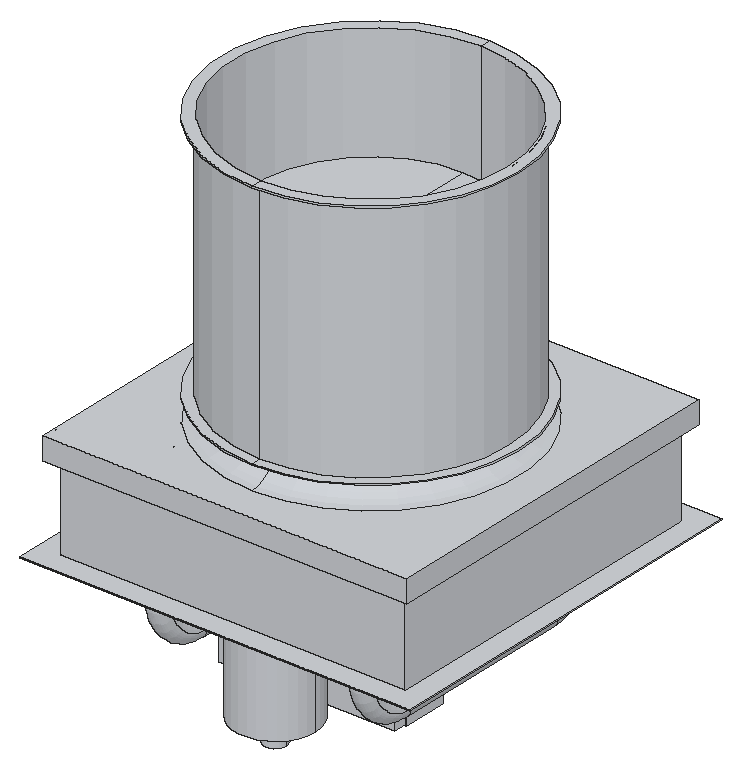
Revit family "LXUM", category Mechanical Equipment, Revit 2019
Family settings
  Round Connector Dimension = Use Diameter
  Part Type = Normal
  Work Plane-Based = No
  Always vertical = Yes
  Cut with Voids When Loaded = No
  Shared = No
  Room Calculation Point = No
Parameters (values of type "20_LXUM")
  ro = T_SQ - 0' 4 1/2"  # 2' - 3 1/2"
  Unit Weight [instance] = ""
  T_SQ/2 = T_SQ / 2  # 1' - 4"
  T_SQ = 2' - 8"
  Sones [instance] = ""
  RO/2 = ro / 2  # 1' - 1 3/4"
  Motor RPM [instance] = ""
  Motor Enclosure [instance] = ""
  ModelID [instance] = ""
  MP/2 = T_SQ / 4  # 0' - 8"
  LwA [instance] = ""
  Fan RPM [instance] = ""
  F = 0' - 0"
  E-.125" = E - 0' 0 1/8"  # 0' - 1 7/8"
  E = 0' - 2"
  D = 1' - 9"
  CURB_HEIGHT [instance] = 0' - 9 1/2"
  CURB [instance] = yes
  C/2 = C / 2  # 0' - 11 1/16"
  C = 1' - 10 1/8"
  B/2 = B / 2  # 1' - 0 1/16"
  B = 2' - 0 1/8"
  Accessories [instance] = ""
  A/2 = A / 2  # 1' - 0 1/8"
  A = 2' - 0 1/4"
  3" = 0' - 3"  # constant formula
  Brake Hp [instance] = ""
  4" = 0' - 4"  # constant formula
  2' = 2' - 0"
  2" = 0' - 2"  # constant formula
  1' = 1' - 0"  # constant formula
  1" = 0' - 1"  # constant formula
  0 = 0' - 0"  # constant formula
  Voltage [instance] = 0 V
  URL = "www.lorencook.com"
  Type Comments = "Low Silhouette Upblast Exhaust Ventilator Medium Pressure X-Stream Propeller Roof Mounted/Belt Drive"  # constant formula
  Static Pressure [instance] = 0.00 in-wg
  Power [instance] = Voltage * Motor FLA * sqrt(if(Phase = 3, 3, 1))  # 0 VA
  Phase [instance] = 0
  Number of Poles [instance] = 1
  Motor Hp [instance] = "0"
  Motor FLA [instance] = 0 A
  Model = "LXUM"  # constant formula
  Manufacturer = "Loren Cook Company"
  CFM [instance] = 0 CFM
  1.5 = 0' - 1 1/2"  # constant formula
  ONE EIGTH = 0' - 0 1/8"  # constant formula
  -D+4" = -D + 0' 4" + E  # -1' - 3"
  -D+2" = -D + 0' 2" + E  # -1' - 5"
  -D = -D + E  # -1' - 7"
  (T_SQ/2)+.125" = (T_SQ / 2) + 0' 0 1/8"  # 1' - 4 1/8"
  (A/2)-2" = (A / 2) - 0' 2"  # 0' - 10 1/8"
Types (9): name | ro | T_SQ/2 | T_SQ | RO/2 | MP/2 | E-.125" | E | D | C/2 | C | B/2 | B | A/2 | A | -D+4" | -D+2" | -D | (T_SQ/2)+.125" | (A/2)-2"
  (no name) | 2' - 3 1/2" | 1' - 4" | 2' - 8" | 1' - 1 3/4" | 0' - 8" | 0' - 1 7/8" | 0' - 2" | 1' - 9" | 0' - 11 1/16" | 1' - 10 1/8" | 1' - 0 1/16" | 2' - 0 1/8" | 1' - 0 1/8" | 2' - 0 1/4" | -1' - 3" | -1' - 5" | -1' - 7" | 1' - 4 1/8" | 0' - 10 1/8"
  20_LXUM | 2' - 3 1/2" | 1' - 4" | 2' - 8" | 1' - 1 3/4" | 0' - 8" | 0' - 1 7/8" | 0' - 2" | 1' - 9" | 0' - 11 1/16" | 1' - 10 1/8" | 1' - 0 1/16" | 2' - 0 1/8" | 1' - 0 1/8" | 2' - 0 1/4" | -1' - 3" | -1' - 5" | -1' - 7" | 1' - 4 1/8" | 0' - 10 1/8"
  24_LXUM | 2' - 7 1/2" | 1' - 6" | 3' - 0" | 1' - 3 3/4" | 0' - 9" | 0' - 2 7/8" | 0' - 3" | 1' - 9" | 1' - 1" | 2' - 2" | 1' - 2" | 2' - 4" | 1' - 3 5/8" | 2' - 7 1/4" | -1' - 2" | -1' - 4" | -1' - 6" | 1' - 6 1/8" | 1' - 1 5/8"
  30_LXUM | 3' - 1 1/2" | 1' - 9" | 3' - 6" | 1' - 6 3/4" | 0' - 10 1/2" | 0' - 2 7/8" | 0' - 3" | 1' - 9" | 1' - 4" | 2' - 8" | 1' - 5" | 2' - 10" | 1' - 6 5/8" | 3' - 1 1/4" | -1' - 2" | -1' - 4" | -1' - 6" | 1' - 9 1/8" | 1' - 4 5/8"
  36_LXUM | 3' - 7 1/2" | 2' - 0" | 4' - 0" | 1' - 9 3/4" | 1' - 0" | 0' - 2 7/8" | 0' - 3" | 1' - 9" | 1' - 6" | 3' - 0" | 1' - 7" | 3' - 2" | 1' - 9 5/8" | 3' - 7 1/4" | -1' - 2" | -1' - 4" | -1' - 6" | 2' - 0 1/8" | 1' - 7 5/8"
  42_LXUM | 4' - 1 1/2" | 2' - 3" | 4' - 6" | 2' - 0 3/4" | 1' - 1 1/2" | 0' - 2 7/8" | 0' - 3" | 1' - 9" | 1' - 9 1/2" | 3' - 7" | 1' - 10 1/2" | 3' - 9" | 2' - 0 5/8" | 4' - 1 1/4" | -1' - 2" | -1' - 4" | -1' - 6" | 2' - 3 1/8" | 1' - 10 5/8"
  48_LXUM | 4' - 7 1/2" | 2' - 6" | 5' - 0" | 2' - 3 3/4" | 1' - 3" | 0' - 2 7/8" | 0' - 3" | 2' - 0" | 2' - 0" | 4' - 0" | 2' - 1" | 4' - 2" | 2' - 3 5/8" | 4' - 7 1/4" | -1' - 5" | -1' - 7" | -1' - 9" | 2' - 6 1/8" | 2' - 1 5/8"
  54_LXUM | 5' - 1 1/2" | 2' - 9" | 5' - 6" | 2' - 6 3/4" | 1' - 4 1/2" | 0' - 2 7/8" | 0' - 3" | 2' - 4" | 1' - 10" | 3' - 8" | 1' - 11" | 3' - 10" | 2' - 6 5/8" | 5' - 1 1/4" | -1' - 9" | -1' - 11" | -2' - 1" | 2' - 9 1/8" | 2' - 4 5/8"
  60_LXUM | 5' - 7 1/2" | 3' - 0" | 6' - 0" | 2' - 9 3/4" | 1' - 6" | 0' - 2 7/8" | 0' - 3" | 2' - 4" | 2' - 0 1/2" | 4' - 1" | 2' - 1 1/2" | 4' - 3" | 2' - 9 5/8" | 5' - 7 1/4" | -1' - 9" | -1' - 11" | -2' - 1" | 3' - 0 1/8" | 2' - 7 5/8"
Reference planes (in)
  plane 1 "Center (Front/Back)": y = 0
  plane 2: z = 0
  plane 3 "Center (Left/Right)": x = 0.40541
Forms (in)
  Extrusion 1, solid
    sketch origin (0, 0, 0) x (1, 0, 0) y (0, 1, 0)
      loop
        line (-15.71959, 16.125) -> (-15.71959, -16.125) -> (16.53041, -16.125) -> (16.53041, 16.125) -> (-15.71959, 16.125)
    from 0 to 2 <- "E"
  Extrusion 2, void
    sketch origin (0, 0, 0) x (1, 0, 0) y (0, 1, 0)
      loop
        line (-15.59459, 16) -> (-15.59459, -16) -> (16.40541, -16) -> (16.40541, 16) -> (-15.59459, 16)
    from 0 to 1.875 <- "E-.125""
  Extrusion 3, solid
    sketch origin (0, 0, 0) x (1, 0, 0) y (0, 1, 0)
      loop
        line (-7.59459, -6) -> (-7.46959, -6) -> (-7.46959, -2.125) -> (8.28041, -2.125) -> (8.28041, -6) -> (8.40541, -6) -> (8.40541, -2) -> (-7.59459, -2) -> (-7.59459, -6)
    from 0 to -17 <- "-D+2""
  Extrusion 4, solid
    sketch origin (0, 0, 0) x (1, 0, 0) y (0, 1, 0)
      loop
        line (-7.46959, -5) -> (-7.46959, -7) -> (8.15541, -7) -> (8.15541, -5) -> (-7.46959, -5)
    from 0 to -17 <- "-D+2""
  Extrusion 5, solid
    sketch origin (0, 0, 0) x (1, 0, 0) y (0, 1, 0)
      loop
        circle (0.40541, -10.5625) r 3.5625
    from -4 to -19 <- "-D"
  Extrusion 6, void
    sketch origin (0, 0, 0) x (1, 0, 0) y (0, 1, 0)
      loop
        circle (0.40541, -10.5625) r 3.5625
      loop
        circle (0.40541, -10.5625) r 1
    from -17 <- "-D+2"" to -19 <- "-D"
  Extrusion 7, solid
    sketch origin (0, 0, 0) x (1, 0, 0) y (0, 1, 0)
      loop
        circle (0.40541, 0) r 1
    from 0 to -19 <- "-D"
  Extrusion 8, solid
    sketch origin (0, 0, 0) x (1, 0, 0) y (0, 1, 0)
      loop
        line (-2.59459, -2) -> (3.40541, -2) -> (3.40541, -0.5) -> (2.3419, -0.5)
        arc (2.3419, -0.5) -> (0.40541, 2) -> (-1.53108, -0.5) r 2
        line (-1.53108, -0.5) -> (-2.59459, -0.5) -> (-2.59459, -2)
    from -15 <- "-D+4"" to -17 <- "-D+2""
  Sweep 9, solid
    path origin (0.40541, 0, 0) x (0, 1, 0) y (0, 0, 1)
      loop
        line (12.125, 1.875) -> (12.125, -10)
        arc (12.125, -10) -> (10.95343, -12.82843) -> (8.125, -14) r 4
        line (8.125, -14) -> (-8.125, -14)
        arc (-8.125, -14) -> (-10.95343, -12.82843) -> (-12.125, -10) r 4
        line (-12.125, -10) -> (-12.125, 1.875)
    profile origin (0.40541, 12.125, -4.0625) x (1, 0, 0) y (0, 1, 0)
      loop
        circle (9, 0) r 1
      loop
        circle (-9, 0) r 1
  Revolve 10, solid
    sketch origin (0.40541, 0, 0) x (0, 1, 0) y (0, 0, 1)
      loop
        line (0, 2) -> (0, 17) -> (-10.125, 17) -> (-10.125, 5)
        arc (-10.125, 5) -> (-11.00368, 2.87868) -> (-13.125, 2) r 3
        line (-13.125, 2) -> (0, 2)
      axis (0, 2) -> (0, 17)
    angle from 0 to 360
  Revolve 11, solid
    sketch origin (0.40541, 0, 0) x (0, 1, 0) y (0, 0, 1)
      loop
        line (-13.125, 26.125) -> (-13.125, 26) -> (-12.25, 26) -> (-12.25, 4.125) -> (-13.125, 4.125) -> (-13.125, 4) -> (-12.125, 4) -> (-12.125, 26.125) -> (-13.125, 26.125)
      axis (0, 4) -> (0, 26.125)
    angle from 0 to 360
  Extrusion 12, solid, visible <- "CURB"
    sketch origin (0, 0, 1.875) x (0, 1, 0) y (1, 0, 0)
      loop
        line (13.75, -13.34459) -> (13.75, 14.15541) -> (-13.75, 14.15541) -> (-13.75, -13.34459) -> (13.75, -13.34459)
      loop
        line (-15.25, 15.65541) -> (-15.25, -14.84459) -> (15.25, -14.84459) -> (15.25, 15.65541) -> (-15.25, 15.65541)
    from 0 to 9.5 <- "CURB_HEIGHT"
  Extrusion 13, solid, visible <- "CURB"
    sketch origin (0, 0, -7.625) x (-1, 0, 0) y (0, 1, 0)
      loop
        line (14.84459, 15.25) -> (-15.65541, 15.25) -> (-15.65541, -15.25) -> (14.84459, -15.25) -> (14.84459, 15.25)
      loop
        line (-17.65541, -17.25) -> (16.84459, -17.25) -> (16.84459, 17.25) -> (-17.65541, 17.25) -> (-17.65541, -17.25)
    from 0 to -0.125
Cuts and joins
  Extrusion 2 cuts Extrusion 1
  Extrusion 6 cuts Extrusion 4
  Extrusion 6 cuts Extrusion 5
Dimensions and locks (in)
  "(T_SQ/2)+.125"": Extrusion 1 sketch curve to plane 3 "Center (Left/Right)"
  "(T_SQ/2)+.125"": plane 3 "Center (Left/Right)" to Extrusion 1 sketch curve
  "(T_SQ/2)+.125"": plane 1 "Center (Front/Back)" to Extrusion 1 sketch curve
  "(T_SQ/2)+.125"": Extrusion 1 sketch curve to plane 1 "Center (Front/Back)"
  "T_SQ/2": Extrusion 2 sketch curve to plane 3 "Center (Left/Right)"
  "T_SQ/2": plane 3 "Center (Left/Right)" to Extrusion 2 sketch curve
  "T_SQ/2": plane 1 "Center (Front/Back)" to Extrusion 2 sketch curve
  "T_SQ/2": Extrusion 2 sketch curve to plane 1 "Center (Front/Back)"
  "2"": Extrusion 3 sketch curve to plane 1 "Center (Front/Back)"
  "ONE EIGTH": Extrusion 3 sketch curve to Extrusion 3 sketch curve  (x3)
  "4"": Extrusion 3 sketch curve to Extrusion 3 sketch curve
  "MP/2": plane 3 "Center (Left/Right)" to Extrusion 3 sketch curve
  "MP/2": Extrusion 3 sketch curve to plane 3 "Center (Left/Right)"
  "ONE EIGTH": Extrusion 3 to Extrusion 4 sketch curve
  "ONE EIGTH": Extrusion 4 sketch curve to Extrusion 3
  "1"": Extrusion 3 to Extrusion 4 sketch curve
  "2"": Extrusion 4 sketch curve to Extrusion 4 sketch curve
  "2"": cut or joined group of Extrusion 1, Extrusion 2 to Extrusion 5 sketch curve
  "0": Extrusion 5 sketch curve to Extrusion 4
  "0": Extrusion 5 sketch curve to plane 3 "Center (Left/Right)"
  "0": Extrusion 6 sketch curve to Extrusion 6 sketch curve
  "0": plane 3 "Center (Left/Right)" to Extrusion 6 sketch curve
  "0": Extrusion 6 sketch curve to plane 3 "Center (Left/Right)"
  "0": Extrusion 6 sketch curve to Extrusion 4
  "2"": cut or joined group of Extrusion 1, Extrusion 2 to Extrusion 6 sketch curve
  "0": Extrusion 7 sketch curve to plane 1 "Center (Front/Back)"
  "0": Extrusion 7 sketch curve to plane 3 "Center (Left/Right)"
  "0": Extrusion 8 sketch curve to Extrusion 3
  "3"": Extrusion 8 sketch curve to plane 3 "Center (Left/Right)"
  "3"": plane 3 "Center (Left/Right)" to Extrusion 8 sketch curve
  "0": Extrusion 8 sketch curve to plane 1 "Center (Front/Back)"
  "0": Extrusion 8 sketch curve to plane 3 "Center (Left/Right)"
  "1.5": Extrusion 8 sketch curve to Extrusion 3
  "0": Extrusion 8 sketch curve to Extrusion 8 sketch curve
  "4"": cut or joined group of Extrusion 1, Extrusion 2 to Sweep 9 sketch curve
  "4"": Sweep 9 sketch curve to cut or joined group of Extrusion 1, Extrusion 2
  "ONE EIGTH": cut or joined group of Extrusion 1, Extrusion 2 to Sweep 9 sketch curve  (x2)
  "1"": Extrusion 8 to Sweep 9 sketch curve
  "0": Sweep 9 sketch curve to profile plane
  "0": profile plane to Sweep 9 sketch curve
  "0": Sweep 9 sketch curve to Extrusion 3
  "0": Extrusion 3 to Sweep 9 sketch curve
  "(A/2)-2"": plane 1 "Center (Front/Back)" to Revolve 10 sketch curve
  "1'": Revolve 10 sketch curve to Revolve 10 sketch curve
  "0": Revolve 10 sketch curve to cut or joined group of Extrusion 1, Extrusion 2
  "0": Revolve 10 sketch curve to plane 1 "Center (Front/Back)"  (x2)
  "A/2": plane 1 "Center (Front/Back)" to Revolve 11 sketch curve
  "ONE EIGTH": Revolve 11 sketch curve to Revolve 11 sketch curve  (x3)
  "B": Revolve 11 sketch curve to cut or joined group of Extrusion 1, Extrusion 2
  "1"": Revolve 11 sketch curve to Revolve 11 sketch curve  (x2)
  "C": Revolve 11 sketch curve to Revolve 11 sketch curve
  "0": Revolve 11 sketch curve to plane 1 "Center (Front/Back)"
  "1.5": Extrusion 12 sketch curve to Extrusion 12 sketch curve  (x4)
  "RO/2": Extrusion 12 sketch curve to plane 3 "Center (Left/Right)"
  "RO/2": plane 3 "Center (Left/Right)" to Extrusion 12 sketch curve
  "RO/2": plane 1 "Center (Front/Back)" to Extrusion 12 sketch curve
  "RO/2": Extrusion 12 sketch curve to plane 1 "Center (Front/Back)"
  "2"": Extrusion 13 sketch curve to Extrusion 13 sketch curve  (x4)
  "0": Extrusion 12 to Extrusion 13 sketch curve  (x2)
  "0": Extrusion 13 sketch curve to Extrusion 12  (x2)
  "1"": radius of Extrusion 6 sketch curve
  "1"": radius of Extrusion 7 sketch curve
  "2"": radius of Extrusion 8 sketch curve
  "4"": radius of Sweep 9 sketch curve  (x2)
  "1"": radius of Sweep 9 sketch curve  (x2)
  "3"": radius of Revolve 10 sketch curve
Automatic sketch dimensions
  Extrusion 3 sketch curve to Extrusion 3 sketch curve = 0' - 0"
  Extrusion 8 sketch curve to Extrusion 8 sketch curve = 0' - 0"
  Revolve 10 sketch curve to Revolve 10 sketch curve = 0' - 0"
  Revolve 10 sketch curve to Revolve 10 sketch curve = 0' - 2 1/4"
  Revolve 11 sketch curve to Revolve 11 sketch curve = 0' - 1 3/4"
  Revolve 11 sketch curve to Revolve 11 sketch curve = 0' - 2"
Connectors (in)
  electrical at (0.40541, -10.5625, -4)
    settings: on cut or joined group of Extrusion 5, Extrusion 6, index 2, voltage 0 V, apparent load 0 VA, apparent load phase1 0 VA, apparent load phase2 0 VA, apparent load phase3 0 VA, power factor 1, load classification "Other", number of poles 1, system type 30, power factor state 1, is connector primary yes, connector utility no, sub classification motor no, connector description ""
  hvac at (0.40541, 0, 2), driven by "CFM", driven by "ro", driven by "ro"
    settings: on cut or joined group of Extrusion 1, Extrusion 2, index 3, duct flow 0 CFM, flow factor 0, pres drop 0.00 in-wg, loss coef 0, conn angle 0.00°, conn width 27 1/2", conn height 27 1/2", conn diameter 24", duct sys type 3, conn prof type 1, flow config 0, flow direction 1, loss method 0, conn ref index -1, conn util no, is conn primary yes, conn desc ""
